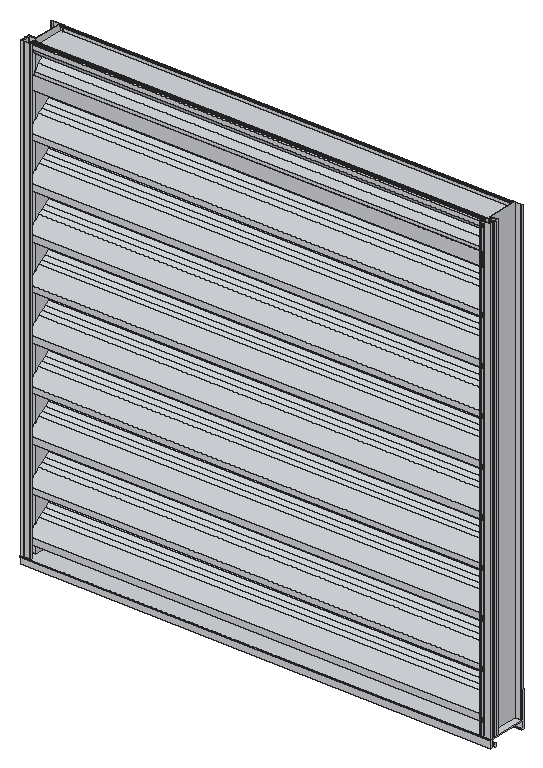
Revit family "EL-4", category Mechanical Equipment, Revit 2015
Parameters
  URL = "http://unitedenertech.com/catalog/pdf/A_8%20EL-4.pdf"
  Type Comments = "Max. Single Section Size is (120\"w  x  84\"h) or (84\"h  x  120\"w)"
  Model = "EL-4"
  Manufacturer = "United Enertech Corporation"
  Exact Width = 4' - 0"
  Exact Height = 4' - 0"
  Description = "Fixed 4\" Louver"
  Depth = 0' - 4.21363"
  Blade Spacing = 0' - 4 5/8"
  Blade Number [instance] = rounddown((Exact Height - 0' 4 7/8") / 0' 4 5/8")  # 9
  BW [instance] = Exact Width - 0' 1 11/16"  # 3' - 10 5/16"
Reference planes (in)
  plane 1 "Center (Front/Back)": y = 0
  plane 2: z = 0
  plane 3 "Center (Left/Right)": x = 0
  plane 4: x = -24
  plane 5: x = 24
  plane 6: z = 48
  plane 7: x = -23.166
  plane 8: x = 23.166
  plane 9: z = 0.875
  plane 10: y = 4.21363
  plane 11: z = 44
Forms (in)
  Extrusion 1, solid
    sketch origin (-29.66294, -49.65479, 0) x (0, -1, 0) y (1, 0, 0)
      loop
        line (-53.59942, 5.66294) -> (-53.59942, 5.74394) -> (-53.70642, 5.74394) -> (-53.70642, 6.41594) -> (-50.70642, 6.41594) -> (-50.70642, 5.70894) -> (-50.28742, 5.70894) -> (-50.28742, 5.66294) -> (-50.20642, 5.66294) -> (-50.20642, 5.70894) -> (-50.14442, 5.70894) -> (-50.14442, 5.78994) -> (-50.20642, 5.78994) -> (-50.20642, 5.87794) -> (-49.78742, 5.87794) -> (-49.78742, 5.78994) -> (-49.92542, 5.78994) -> (-49.92542, 5.70894) -> (-49.70642, 5.70894) -> (-49.70642, 6.6854) -> (-49.65479, 6.6854) -> (-49.65479, 6.78794) -> (-49.78742, 6.78794) -> (-49.78742, 6.49694) -> (-49.89442, 6.49694) -> (-49.89442, 6.41594) -> (-49.78742, 6.41594) -> (-49.78742, 5.95894) -> (-50.28742, 5.95894) -> (-50.28742, 5.78994) -> (-50.62542, 5.78994) -> (-50.62542, 6.49694) -> (-53.73742, 6.49694) -> (-53.73742, 6.78794) -> (-53.78742, 6.78794) -> (-53.78742, 5.66294) -> (-53.59942, 5.66294)
    from 0.875 to 48
  Extrusion 2, solid
    sketch origin (29.66294, -49.65479, 0) x (0, -1, 0) y (1, 0, 0)
      loop
        line (-53.59942, -5.66294) -> (-53.78742, -5.66294) -> (-53.78742, -6.78794) -> (-53.73742, -6.78794) -> (-53.73742, -6.49694) -> (-50.62542, -6.49694) -> (-50.62542, -5.78994) -> (-50.28742, -5.78994) -> (-50.28742, -5.95894) -> (-49.78742, -5.95894) -> (-49.78742, -6.41594) -> (-49.89442, -6.41594) -> (-49.89442, -6.49694) -> (-49.78742, -6.49694) -> (-49.78742, -6.78794) -> (-49.65479, -6.78794) -> (-49.65479, -6.6854) -> (-49.70642, -6.6854) -> (-49.70642, -5.70894) -> (-49.92542, -5.70894) -> (-49.92542, -5.78994) -> (-49.78742, -5.78994) -> (-49.78742, -5.87794) -> (-50.20642, -5.87794) -> (-50.20642, -5.78994) -> (-50.14442, -5.78994) -> (-50.14442, -5.70894) -> (-50.20642, -5.70894) -> (-50.20642, -5.66294) -> (-50.28742, -5.66294) -> (-50.28742, -5.70894) -> (-50.70642, -5.70894) -> (-50.70642, -6.41594) -> (-53.70642, -6.41594) -> (-53.70642, -5.74394) -> (-53.59942, -5.74394) -> (-53.59942, -5.66294)
    from 0.875 to 48
  Extrusion 3, solid
    sketch origin (-57.96539, 54.07221, -28.49404) x (0, 1, 0) y (0, 0, 1)
      loop
        line (-53.52057, 28.49404) -> (-53.43957, 28.49404) -> (-53.43957, 28.81904) -> (-53.93957, 28.81904) -> (-53.93957, 29.28804) -> (-49.93957, 29.28804) -> (-49.93957, 28.57504) -> (-50.04657, 28.57504) -> (-50.04657, 28.49404) -> (-49.85857, 28.49404) -> (-49.85857, 32.16904) -> (-49.93957, 32.16904) -> (-49.93957, 29.36904) -> (-54.07221, 29.36904) -> (-54.07221, 29.28804) -> (-54.02057, 29.28804) -> (-54.02057, 28.56904) -> (-53.80257, 28.56904) -> (-53.80257, 28.65004) -> (-53.93957, 28.65004) -> (-53.93957, 28.73804) -> (-53.52057, 28.73804) -> (-53.52057, 28.65004) -> (-53.58357, 28.65004) -> (-53.58357, 28.56904) -> (-53.52057, 28.56904) -> (-53.52057, 28.49404)
    from 33.96539 to 81.96539
  Extrusion 4, solid
    sketch origin (0, -4.95997, -5.16732) x (0, 1, 0) y (0, 0, 1)
      loop
        line (5.0926, 48.96871) -> (5.1736, 48.98562) -> (5.1736, 49.16966) -> (5.80531, 49.61935) -> (5.80531, 50.18878) -> (6.22811, 50.82999) -> (6.37647, 50.92928) -> (6.73966, 51.16395) -> (7.46295, 51.63128) -> (8.34759, 52.54232) -> (8.94132, 52.54232) -> (8.94132, 52.29232) -> (9.02232, 52.29232) -> (9.02232, 53.16732) -> (8.83432, 53.16732) -> (8.83432, 53.08632) -> (8.94132, 53.08632) -> (8.94132, 52.62332) -> (5.2054, 52.62332) -> (5.17343, 52.6553) -> (5.17343, 52.84232) -> (5.64813, 52.84232) -> (5.64813, 53.09232) -> (5.59232, 53.09232) -> (5.59232, 53.16732) -> (5.51132, 53.16732) -> (5.51132, 53.09232) -> (5.44932, 53.09232) -> (5.44932, 53.01132) -> (5.56713, 53.01132) -> (5.56713, 52.92332) -> (5.17343, 52.92332) -> (5.17343, 53.01132) -> (5.23032, 53.01132) -> (5.23032, 53.09232) -> (5.09227, 53.09232) -> (5.09227, 52.62332) -> (5.8875, 51.82808) -> (5.94407, 51.88465) -> (5.28554, 52.54318) -> (8.23552, 52.54318) -> (7.40333, 51.6892) -> (6.17378, 50.89475) -> (5.72431, 50.21308) -> (5.72431, 49.66112) -> (5.1736, 49.26909) -> (5.1736, 50.32304) -> (5.0926, 50.32304) -> (5.0926, 48.96871)
    from -23.166 to 23.166
Dimensions and locks (in)
  equal spacing: plane 4, plane 3 "Center (Left/Right)", plane 5
  "Exact Width": plane 4 to plane 5
  "Exact Height": plane 6 to level
  locked: plane 4 to plane 7 at 0.834
  locked: plane 8 to plane 5 at 0.834
  locked: plane 9 to level at 0.875
  "Depth": plane 1 "Center (Front/Back)" to plane 10
  locked: plane 6 to plane 11 at 4
  equal spacing: group 1, group 2, group 3, group 4, group 5, group 6, group 7, group 8, group 9  (x2)
  equal spacing: group 9, group 8, group 7, group 6, group 5, group 4, group 3, group 2, group 1
  "Blade Spacing": nested 2 to nested 1
  aligned and locked: level to plane 2
  aligned and locked: Extrusion 3 to plane 5
  aligned and locked: plane 4 to Extrusion 3
  aligned and locked: Extrusion 1 to plane 9
  aligned and locked: Extrusion 2 to plane 9
  aligned and locked: plane 6 to Extrusion 1
  aligned and locked: plane 6 to Extrusion 2
  aligned and locked: plane 6 to Extrusion 4
  aligned and locked: plane 7 to Extrusion 4
  aligned and locked: Extrusion 4 to plane 8
  aligned and locked: plane 3 "Center (Left/Right)" to nested 1
  aligned and locked: plane 11 to nested 1
  aligned and locked: nested 2 to nested 1
Automatic sketch dimensions
  Extrusion 1 sketch curve to plane 4 = 0' - 0"  (x2)
  Extrusion 1 sketch curve to plane 7 = 0' - 0"  (x2)
  plane 1 "Center (Front/Back)" to Extrusion 1 sketch curve = 0' - 0"
  Extrusion 1 sketch curve to plane 1 "Center (Front/Back)" = 0' - 0.05163"
  Extrusion 1 sketch curve to plane 1 "Center (Front/Back)" = 0' - 0.13263"
  Extrusion 1 sketch curve to Extrusion 1 sketch curve = 0' - 0"
  Extrusion 1 sketch curve to Extrusion 1 sketch curve = 0' - 0.081"  (x8)
  Extrusion 1 sketch curve to Extrusion 1 sketch curve = 0' - 0.107"  (x2)
  Extrusion 1 sketch curve to Extrusion 1 sketch curve = 0' - 0.138"
  Extrusion 1 sketch curve to Extrusion 1 sketch curve = 0' - 0.219"
  Extrusion 1 sketch curve to Extrusion 1 sketch curve = 0' - 0.062"  (x2)
  Extrusion 1 sketch curve to plane 4 = 0' - 0.127"
  Extrusion 1 sketch curve to Extrusion 1 sketch curve = 0' - 0.338"
  Extrusion 1 sketch curve to Extrusion 1 sketch curve = 0' - 2.893"
  plane 7 to Extrusion 1 sketch curve = 0' - 0.081"  (x2)
  Extrusion 1 sketch curve to Extrusion 1 sketch curve = 0' - 0.031"
  Extrusion 1 sketch curve to Extrusion 1 sketch curve = 0' - 0.05"
  Extrusion 1 sketch curve to plane 4 = 0' - 0.046"  (x3)
  Extrusion 1 sketch curve to Extrusion 1 sketch curve = 0' - 0.088"
  Extrusion 1 sketch curve to plane 7 = 0' - 0.18846"
  Extrusion 1 sketch curve to Extrusion 1 sketch curve = 0' - 0.291"
  Extrusion 1 sketch curve to Extrusion 1 sketch curve = 0' - 0.10254"
  Extrusion 2 sketch curve to plane 5 = 0' - 0"  (x2)
  Extrusion 2 sketch curve to plane 8 = 0' - 0"  (x2)
  plane 1 "Center (Front/Back)" to Extrusion 2 sketch curve = 0' - 0"
  Extrusion 2 sketch curve to plane 1 "Center (Front/Back)" = 0' - 0.05163"
  Extrusion 2 sketch curve to plane 1 "Center (Front/Back)" = 0' - 0.13263"
  Extrusion 2 sketch curve to Extrusion 2 sketch curve = 0' - 0"
  Extrusion 2 sketch curve to Extrusion 2 sketch curve = 0' - 0.081"  (x6)
  Extrusion 2 sketch curve to Extrusion 2 sketch curve = 0' - 0.107"  (x2)
  Extrusion 2 sketch curve to Extrusion 2 sketch curve = 0' - 0.138"
  Extrusion 2 sketch curve to Extrusion 2 sketch curve = 0' - 0.219"
  Extrusion 2 sketch curve to Extrusion 2 sketch curve = 0' - 0.062"  (x2)
  plane 5 to Extrusion 2 sketch curve = 0' - 0.127"  (x2)
  Extrusion 2 sketch curve to Extrusion 2 sketch curve = 0' - 0.338"
  Extrusion 2 sketch curve to Extrusion 2 sketch curve = 0' - 2.893"
  Extrusion 2 sketch curve to plane 8 = 0' - 0.081"  (x2)
  Extrusion 2 sketch curve to Extrusion 2 sketch curve = 0' - 0.031"
  Extrusion 2 sketch curve to Extrusion 2 sketch curve = 0' - 0.05"
  plane 8 to Extrusion 2 sketch curve = 0' - 0.18846"
  Extrusion 2 sketch curve to Extrusion 2 sketch curve = 0' - 0.291"
  Extrusion 2 sketch curve to Extrusion 2 sketch curve = 0' - 0.10254"
  plane 5 to Extrusion 2 sketch curve = 0' - 0.296"
  Extrusion 2 sketch curve to Extrusion 2 sketch curve = 0' - 0.088"
  plane 5 to Extrusion 2 sketch curve = 0' - 0.046"  (x3)
  Extrusion 3 sketch curve to plane 1 "Center (Front/Back)" = 0' - 0"
  Extrusion 3 sketch curve to level = 0' - 0"  (x2)
  Extrusion 3 sketch curve to plane 9 = 0' - 0"
  Extrusion 3 sketch curve to Extrusion 3 sketch curve = 0' - 0.05163"
  Extrusion 3 sketch curve to Extrusion 3 sketch curve = 0' - 0.081"  (x6)
  Extrusion 3 sketch curve to Extrusion 3 sketch curve = 0' - 0"  (x2)
  Extrusion 3 sketch curve to Extrusion 3 sketch curve = 0' - 0.137"
  level to Extrusion 3 sketch curve = 0' - 0.075"  (x2)
  Extrusion 3 sketch curve to Extrusion 3 sketch curve = 0' - 0.219"
  Extrusion 3 sketch curve to Extrusion 3 sketch curve = 0' - 0.063"  (x2)
  Extrusion 3 sketch curve to Extrusion 3 sketch curve = 0' - 3.393"
  Extrusion 3 sketch curve to Extrusion 3 sketch curve = 0' - 0.107"
  level to Extrusion 3 sketch curve = 0' - 0.081"
  Extrusion 3 sketch curve to Extrusion 3 sketch curve = 0' - 0.088"
  Extrusion 3 sketch curve to plane 9 = 0' - 0.081"  (x2)
  Extrusion 3 sketch curve to Extrusion 3 sketch curve = 0' - 2.8"
  Extrusion 4 sketch curve to plane 6 = 0' - 2.84428"
  Extrusion 4 sketch curve to plane 1 "Center (Front/Back)" = 0' - 0.13263"
  Extrusion 4 sketch curve to Extrusion 4 sketch curve = 0' - 0.08082"
  Extrusion 4 sketch curve to Extrusion 4 sketch curve = 0' - 0"  (x3)
  Extrusion 4 sketch curve to Extrusion 4 sketch curve = 0' - 0.081"  (x10)
  Extrusion 4 sketch curve to Extrusion 4 sketch curve = 0' - 0.03198"  (x2)
  Extrusion 4 sketch curve to Extrusion 4 sketch curve = 0' - 0.05689"
  Extrusion 4 sketch curve to Extrusion 4 sketch curve = 0' - 0.08014"
  Extrusion 4 sketch curve to Extrusion 4 sketch curve = 0' - 0.219"
  Extrusion 4 sketch curve to Extrusion 4 sketch curve = 0' - 0.062"
  Extrusion 4 sketch curve to Extrusion 4 sketch curve = 0' - 0.05581"  (x2)
  Extrusion 4 sketch curve to Extrusion 4 sketch curve = 0' - 0.55071"
  Extrusion 4 sketch curve to Extrusion 4 sketch curve = 0' - 0.60196"
  Extrusion 4 sketch curve to plane 6 = 0' - 1.28267"
  Extrusion 4 sketch curve to Extrusion 4 sketch curve = 0' - 0.05657"  (x2)
  Extrusion 4 sketch curve to plane 6 = 0' - 2.27257"
  Extrusion 4 sketch curve to Extrusion 4 sketch curve = 0' - 0.36847"
  Extrusion 4 sketch curve to plane 6 = 0' - 2.33733"
  Extrusion 4 sketch curve to Extrusion 4 sketch curve = 0' - 0.05432"
  Extrusion 4 sketch curve to plane 6 = 0' - 2.23804"
  Extrusion 4 sketch curve to Extrusion 4 sketch curve = 0' - 0.14837"
  Extrusion 4 sketch curve to plane 6 = 0' - 2.00337"
  Extrusion 4 sketch curve to Extrusion 4 sketch curve = 0' - 0.36319"
  Extrusion 4 sketch curve to plane 6 = 0' - 1.47813"
  Extrusion 4 sketch curve to Extrusion 4 sketch curve = 0' - 0.66366"
  Extrusion 4 sketch curve to plane 6 = 0' - 1.53604"
  Extrusion 4 sketch curve to Extrusion 4 sketch curve = 0' - 0.05962"
  Extrusion 4 sketch curve to Extrusion 4 sketch curve = 0' - 0.83219"
  Extrusion 4 sketch curve to Extrusion 4 sketch curve = 0' - 0.11207"
  Extrusion 4 sketch curve to Extrusion 4 sketch curve = 0' - 0.48673"
  Extrusion 4 sketch curve to Extrusion 4 sketch curve = 0' - 0.107"
  Extrusion 4 sketch curve to Extrusion 4 sketch curve = 0' - 0.10997"
  Extrusion 4 sketch curve to Extrusion 4 sketch curve = 0' - 0.0243"
  Extrusion 4 sketch curve to Extrusion 4 sketch curve = 0' - 0.52766"
  Extrusion 4 sketch curve to Extrusion 4 sketch curve = 0' - 0.04177"
  Extrusion 4 sketch curve to Extrusion 4 sketch curve = 0' - 0.39203"
  Extrusion 4 sketch curve to Extrusion 4 sketch curve = 0' - 0.09943"
  Extrusion 4 sketch curve to Extrusion 4 sketch curve = 0' - 0.18404"
  Extrusion 4 sketch curve to Extrusion 4 sketch curve = 0' - 0.01691"
  Extrusion 4 sketch curve to Extrusion 4 sketch curve = 0' - 0.25086"
  Extrusion 4 sketch curve to Extrusion 4 sketch curve = 0' - 0 1/4"
  Extrusion 4 sketch curve to Extrusion 4 sketch curve = 0' - 0.18702"
  Extrusion 4 sketch curve to Extrusion 4 sketch curve = 0' - 0.088"  (x2)
  Extrusion 4 sketch curve to Extrusion 4 sketch curve = 0' - 0.463"
  Extrusion 4 sketch curve to Extrusion 4 sketch curve = 0' - 0.075"
  Extrusion 4 sketch curve to Extrusion 4 sketch curve = 0' - 0.08116"
Nested families (in)
  nested 1: "EL-4 Blade" at (0, 4.92101, 35.5882), type "EL-4 Blade"
    with Blade Width 3' - 10 5/16"
  nested 2: "EL-4 Blade" at (0, 4.92101, 30.9632), type "EL-4 Blade"
    with Blade Width 3' - 10 5/16"
  nested 3: "EL-4 Blade" at (0, 4.92101, 26.3382), type "EL-4 Blade"
    with Blade Width 3' - 10 5/16"
  nested 4: "EL-4 Blade" at (0, 4.92101, 21.7132), type "EL-4 Blade"
    with Blade Width 3' - 10 5/16"
  nested 5: "EL-4 Blade" at (0, 4.92101, 17.0882), type "EL-4 Blade"
    with Blade Width 3' - 10 5/16"
  nested 6: "EL-4 Blade" at (0, 4.92101, 12.4632), type "EL-4 Blade"
    with Blade Width 3' - 10 5/16"
  nested 7: "EL-4 Blade" at (0, 4.92101, 7.8382), type "EL-4 Blade"
    with Blade Width 3' - 10 5/16"
  nested 8: "EL-4 Blade" at (0, 4.92101, 3.2132), type "EL-4 Blade"
    with Blade Width 3' - 10 5/16"
  nested 9: "EL-4 Blade" at (0, 4.92101, -1.4118), type "EL-4 Blade"
    with Blade Width 3' - 10 5/16"
Definition of nested family "EL-4 Blade"
  Parameters (values of type "EL-4 Blade")
    Blade Width = 1' - 6"
  Reference planes (in)
    plane 1 "Center (Front/Back)": y = 0
    plane 2: z = 0
    plane 3 "Center (Left/Right)": x = 0
    plane 4: x = -9
    plane 5: x = 9
  Forms (in)
    Extrusion 1, solid
      sketch origin (-10.70347, -9.60614, 8.80962) x (0, 1, 0) y (0, 0, 1)
        loop
          line (4.81777, -5.22142) -> (4.89877, -5.20451) -> (4.89877, -4.65643) -> (5.94601, -3.32804) -> (6.10223, -3.26126) -> (6.59277, -2.97805) -> (7.06625, -2.63173) -> (7.46443, -2.27055) -> (7.87309, -1.81036) -> (7.93365, -1.7391) -> (8.19133, -1.64781) -> (8.77529, -1.64781) -> (8.77529, -0.39781) -> (8.65029, -0.39781) -> (8.65029, -0.47911) -> (8.69429, -0.47911) -> (8.69429, -1.56681) -> (8.17804, -1.56681) -> (7.88437, -1.66476) -> (7.54911, -2.06666) -> (7.20133, -2.41027) -> (6.79536, -2.74072) -> (6.37764, -3.0179) -> (5.92224, -3.26034) -> (4.81777, -4.61709) -> (4.81777, -5.22142)
      from 1.70347 to 19.70347
  Dimensions and locks (in)
    equal spacing: plane 4, plane 3 "Center (Left/Right)", plane 5
    "Blade Width": plane 4 to plane 5
    aligned and locked: level to plane 2
    aligned and locked: plane 4 to Extrusion 1
    aligned and locked: plane 5 to Extrusion 1
  Automatic sketch dimensions
    plane 1 "Center (Front/Back)" to Extrusion 1 sketch curve = 0' - 4.78838"
    Extrusion 1 sketch curve to Extrusion 1 sketch curve = 0' - 0.081"  (x3)
    Extrusion 1 sketch curve to Extrusion 1 sketch curve = 0' - 1.02348"
    Extrusion 1 sketch curve to Extrusion 1 sketch curve = 0' - 0.02377"
    Extrusion 1 sketch curve to Extrusion 1 sketch curve = 0' - 0.15623"
    Extrusion 1 sketch curve to Extrusion 1 sketch curve = 0' - 0.27541"
    Extrusion 1 sketch curve to Extrusion 1 sketch curve = 0' - 0.21513"
    Extrusion 1 sketch curve to Extrusion 1 sketch curve = 0' - 0.20259"
    Extrusion 1 sketch curve to Extrusion 1 sketch curve = 0' - 0.27089"
    Extrusion 1 sketch curve to Extrusion 1 sketch curve = 0' - 0.13508"
    Extrusion 1 sketch curve to Extrusion 1 sketch curve = 0' - 0.2631"
    Extrusion 1 sketch curve to Extrusion 1 sketch curve = 0' - 0.08468"
    Extrusion 1 sketch curve to Extrusion 1 sketch curve = 0' - 0.32399"
    Extrusion 1 sketch curve to Extrusion 1 sketch curve = 0' - 0.01128"
    Extrusion 1 sketch curve to Extrusion 1 sketch curve = 0' - 0.04928"
    Extrusion 1 sketch curve to Extrusion 1 sketch curve = 0' - 0.24439"
    Extrusion 1 sketch curve to Extrusion 1 sketch curve = 0' - 0.01329"
    plane 1 "Center (Front/Back)" to Extrusion 1 sketch curve = 0' - 0.95585"
    Extrusion 1 sketch curve to Extrusion 1 sketch curve = 0' - 0.044"
    level to Extrusion 1 sketch curve = 0' - 3.5882"
    Extrusion 1 sketch curve to Extrusion 1 sketch curve = 0' - 0.01691"
    Extrusion 1 sketch curve to Extrusion 1 sketch curve = 0' - 0.54808"
    Extrusion 1 sketch curve to Extrusion 1 sketch curve = 0' - 0.03934"
    Extrusion 1 sketch curve to Extrusion 1 sketch curve = 0' - 1.32839"
    Extrusion 1 sketch curve to Extrusion 1 sketch curve = 0' - 0.06678"
    Extrusion 1 sketch curve to Extrusion 1 sketch curve = 0' - 0.0677"
    Extrusion 1 sketch curve to Extrusion 1 sketch curve = 0' - 0.24336"
    Extrusion 1 sketch curve to Extrusion 1 sketch curve = 0' - 0.03985"
    Extrusion 1 sketch curve to Extrusion 1 sketch curve = 0' - 0.23733"
    Extrusion 1 sketch curve to Extrusion 1 sketch curve = 0' - 0.10899"
    Extrusion 1 sketch curve to Extrusion 1 sketch curve = 0' - 0.22146"
    Extrusion 1 sketch curve to Extrusion 1 sketch curve = 0' - 0.13972"
    Extrusion 1 sketch curve to Extrusion 1 sketch curve = 0' - 0.20389"
    Extrusion 1 sketch curve to Extrusion 1 sketch curve = 0' - 0.2563"
    Extrusion 1 sketch curve to Extrusion 1 sketch curve = 0' - 0.07127"
    Extrusion 1 sketch curve to Extrusion 1 sketch curve = 0' - 0.07433"
    Extrusion 1 sketch curve to Extrusion 1 sketch curve = 0' - 0.09128"
    Extrusion 1 sketch curve to Extrusion 1 sketch curve = 0' - 1.0877"
    Extrusion 1 sketch curve to Extrusion 1 sketch curve = 0' - 0.0813"
